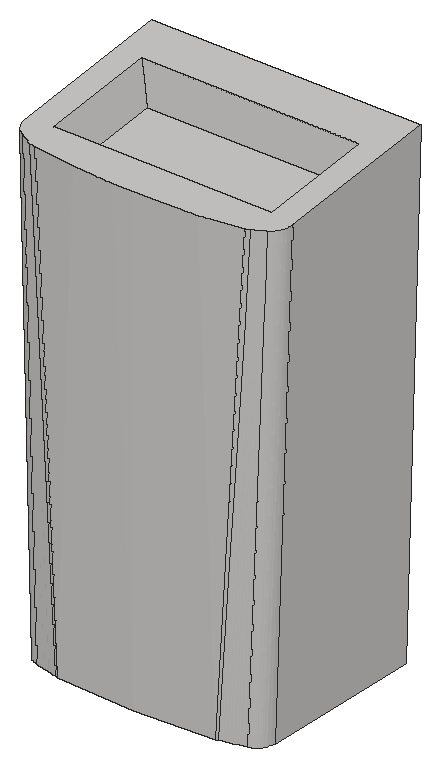
Revit family "NBS_DudleyIndustriesLimited_WsteBins_Platinum30LWasteBin", category Furniture, Revit 2018
Family settings
  Work Plane-Based = No
  Always vertical = Yes
  Cut with Voids When Loaded = No
  Shared = No
  Room Calculation Point = No
Parameters (values of type "Platinum30LWasteBin")
  Weight = "5 kg"
  WarrantyStartDate [instance] = "1900-12-31T23:59:59"
  WarrantyGuarantorParts = "n/a"
  WarrantyGuarantorLabor = "n/a"
  WarrantyDurationUnit = "year"
  WarrantyDurationParts = "n/a"
  WarrantyDurationLabor = "n/a"
  WarrantyDescription = "10 Years"
  Version = "1"  # constant formula
  Uniclass2015Version = "Products v1.18"
  Uniclass2015Title = "Waste bins"
  Uniclass2015Code = "Pr_40_50_07_96"
  TagNumber [instance] = "n/a"
  SustainabilityPerformance = "n/a"
  Style = "Bin"
  Status = "UNSET"
  Size = "236 x 603 x 332 mm"
  Shape = "Rectangular"
  SerialNumber [instance] = "n/a"
  Revision = "n/a"
  ReplacementCost = "n/a"
  Reference = "n/a"
  ProductInformation = "https://www.dudleyindustries.com/washroom/product/platinum-30-litre-waste-bin/"
  Packing = "n/a"
  NominalWidth = 332 mm
  NominalLength = 0 mm
  NominalHeight = 603 mm
  NominalDepth = 236 mm
  Name = "WasteBins_Platinum30LWasteBin_DudleyIndustriesLimited"
  NBSReference = "45-35-72/380"
  NBSDescription = "Waste bins"
  NBSCertification = "www.nationalbimlibrary.com/cert/3pw53nwn"
  ModelReference = "Platinum30LWasteBin"
  ModelNumber = "77020CB"
  Materials = "Stainless steel"
  Material = "Stainless steel"
  ManufacturerURL = "www.dudleyindustries.com"
  ManufacturerName = "Dudley Industries Limited"  # constant formula
  Manufacturer = "sales@dudleyindustries.com"
  MainColor = "n/a"
  IsBuiltIn = no
  InstallationDate [instance] = "1900-12-31T23:59:59"
  IfcExportType = "UNDEFINED"  # constant formula
  IfcExportAs = "IfcFurnitureType"  # constant formula
  Grade = "n/a"
  FinishAndColour = "Brushed with clear lacquer"
  Finish = "Brushed with clear lacquer"
  Features = "Can be free standing or wall mounted, innovative coating helps prevent fingerprint marks"
  ExpectedLife = "n/a"
  DurationUnit = "year"
  Description = "30L waste bin with open top"
  Constituents = "n/a"
  Color = "Brushed with clear lacquer"
  CodePerformance = "n/a"
  Category = "Pr_40_50_07_96:Waste bins"
  BinMaterial = NBS_DudleyIndustriesLimited_StainlessSteel_Brushed
  BarCode [instance] = "n/a"
  BIMObjectName = "NBS_DudleyIndustriesLimited_WasteBins_Platinum30LWasteBin"
  Author = "NBS"  # constant formula
  AssetType = "Fixed"
  AssetIdentifier [instance] = "n/a"
  AccessibilityPerformance = "n/a"
Reference planes
  plane 1 "Back": y = 0
  plane 2 "Bottom": z = 0
  plane 3 "Center (Left/Right)": x = 0
  plane 4 "Top": z = 603
  plane 5 "Front": y = -236
  plane 6 "Left": x = -166
  plane 7 "Right": x = 166
Forms (mm)
  Blend 1, solid, material "NBS_DudleyIndustriesLimited_StainlessSteel_Brushed" <- "BinMaterial", detail levels fine
    base sketch origin (0, 0, 0) x (1, 0, 0) y (0, 1, 0)
      loop
        arc (-97.845, -231.163) -> (0, -236) -> (97.845, -231.163) r 992
        arc (97.845, -231.163) -> (99.421, -230.951) -> (100.979, -230.631) r 23
        line (100.979, -230.631) -> (130.402, -223.521)
        arc (130.402, -223.521) -> (143.073, -215.39) -> (148, -201.165) r 23
        line (148, -201.165) -> (148, 0) -> (-148, 0) -> (-148, -201.165)
        arc (-148, -201.165) -> (-143.073, -215.39) -> (-130.402, -223.521) r 23
        line (-130.402, -223.521) -> (-100.979, -230.631)
        arc (-100.979, -230.631) -> (-99.421, -230.951) -> (-97.845, -231.163) r 23
    top sketch origin (0, 0, 0) x (1, 0, 0) y (0, 1, 0)
      loop
        arc (-166, -197.36) -> (-162.495, -209.564) -> (-153.05, -218.048) r 23
        line (-153.05, -218.048) -> (-138.442, -225.145)
        arc (-138.442, -225.145) -> (-135.025, -226.479) -> (-131.44, -227.254) r 23
        arc (-131.44, -227.254) -> (0, -236) -> (131.44, -227.254) r 992
        arc (131.44, -227.254) -> (135.025, -226.479) -> (138.442, -225.145) r 23
        line (138.442, -225.145) -> (153.05, -218.048)
        arc (153.05, -218.048) -> (162.495, -209.564) -> (166, -197.36) r 23
        line (166, -197.36) -> (166, 0) -> (-166, 0) -> (-166, -197.36)
    from 0 to 603
  Extrusion 2, void
    sketch origin (0, 0, 0) x (0, 1, 0) y (0, 0, 1)
      loop
        line (0, 603) -> (-236, 603) -> (-236, 574.023) -> (0, 603)
    from -166 to 166
  Blend 3, void
    base sketch origin (0, 0, 603) x (0, 0.992546, 0.121869) y (-1, 0, 0)
      loop
        line (-193, 135) -> (-193, -135) -> (-56, -135) -> (-56, 135) -> (-193, 135)
    top sketch origin (0, 0, 603) x (0, 0.992546, 0.121869) y (-1, 0, 0)
      loop
        line (-70, 121) -> (-179, 121) -> (-179, -121) -> (-70, -121) -> (-70, 121)
    from 0 to -45
  Extrusion 4, solid, material "NBS_DudleyIndustriesLimited_StainlessSteel_Brushed" <- "BinMaterial", detail levels medium
    sketch origin (0, 0, 0) x (1, 0, 0) y (0, 1, 0)
      loop
        arc (-166, -202.39) -> (-160.422, -217.406) -> (-146.394, -225.138) r 23
        arc (-146.394, -225.138) -> (0, -236) -> (146.394, -225.138) r 992
        arc (146.394, -225.138) -> (160.422, -217.406) -> (166, -202.39) r 23
        line (166, -202.39) -> (166, 0) -> (-166, 0) -> (-166, -202.39)
    from 0 to 603
  Extrusion 5, solid, material "NBS_DudleyIndustriesLimited_StainlessSteel_Brushed" <- "BinMaterial", detail levels coarse
    sketch origin (0, 0, 0) x (1, 0, 0) y (0, 1, 0)
      loop
        line (-166, 0) -> (-166, -236) -> (166, -236) -> (166, 0) -> (-166, 0)
    from 0 to 603
Cuts and joins
  Extrusion 2, Blend 3 cuts Blend 1
  Extrusion 2 cuts Extrusion 4
Dimensions and locks
  aligned and locked: level to plane 2 "Bottom"
  aligned and locked: plane 4 "Top" to Blend 1
  aligned and locked: plane 4 "Top" to Extrusion 4
  aligned and locked: Extrusion 5 sketch curve to plane 6 "Left"
  aligned and locked: plane 7 "Right" to Extrusion 5 sketch curve
  aligned and locked: Extrusion 5 sketch curve to plane 1 "Back"
  aligned and locked: Extrusion 5 sketch curve to plane 5 "Front"
  aligned and locked: plane 4 "Top" to Extrusion 5
